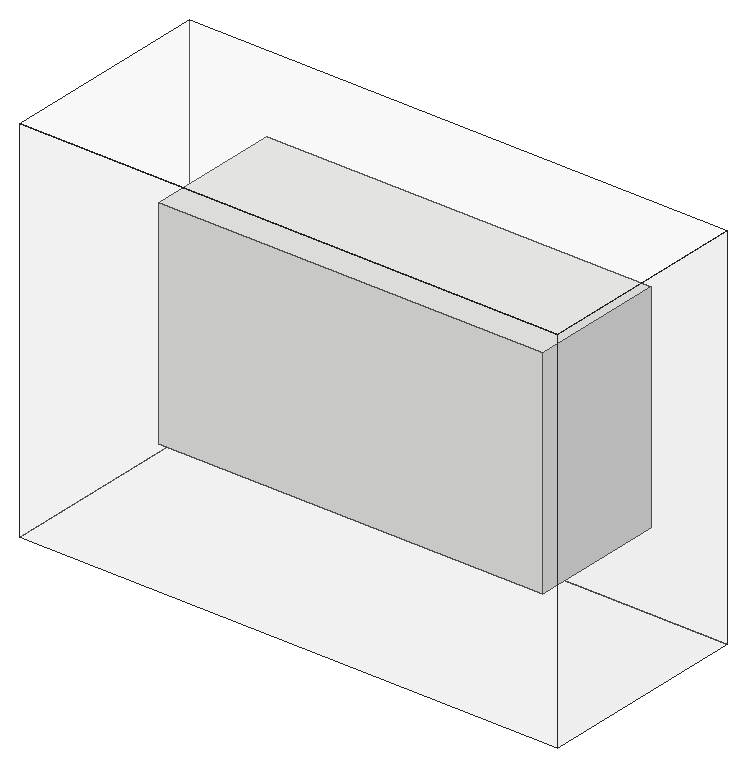
Revit family "wd-240bk2_50Hz", category 機械設備, Revit 2019
Family settings
  丸型コネクタ寸法 = 直径を使用
  パーツ タイプ = 標準
  OmniClass 番号 = 23.75.35.17.27
  OmniClass タイトル = Centrifugal Fans
  作業面ベース = いいえ
  常に垂直 = はい
  ロード時にボイドで切り取り = いいえ
  共有 = いいえ
  部屋計算ポイント = いいえ
Parameters (values of type "WD-240BK2")
  騒音レベル(dB(A)) [instance] = 48
  風量 [instance] = 200.0 m³/h
  電源種別 [instance] = ""
  電圧 = 200 V
  電動機出力 = 0 W
  電動機_種別 [instance] = ""
  運転質量 = 0.00 kg
  連動 [instance] = ""
  質量 = if(製品質量 > 運転質量, 製品質量, 運転質量) * 1.2  # 9.60 kg
  負荷分類 = 3_ファン類
  説明 = "バス乾燥・暖房・換気システム 浴室暖房機"
  設計風量 [instance] = 0.0 m³/h
  設置方法 = "壁付"
  記号 [instance] = ""
  製造元 = "三菱電機株式会社"
  製品質量 = 8.00 kg
  製品出荷対象 = "国内"
  製品リリース年月 = "2022年6月1日"
  製品グループ = ""
  系統 [instance] = ""
  符号 [instance] = if(☑給気／□排気, "FS", "FE")  # "FS"
  積算_科目 = "2 換気設備"
  積算_拾い区分 [instance] = ""
  相 = 1
  盤記号 [instance] = ""
  発停方法 [instance] = ""
  特殊仕様 [instance] = ""
  メンテナンススペース = yes
  火災停止 [instance] = ""
  消費電力 = 2310 W
  法定耐用年数 = "10"
  機外静圧 [instance] = 0.0 Pa
  極数 = 3
  材質 [instance] = ""
  操作・制御方式 = ""
  操作・制御スイッチ = ""
  排気量 [instance] = if(☑給気／□排気, 0.0 m³/h, 設計風量)  # 0.0 m³/h
  形式 = ""
  幹線記号 [instance] = ""
  対象室 [instance] = ""
  実風量 [instance] = 0.0 m³/h
  始動方式 [instance] = "直入"
  外気量 [instance] = if(☑給気／□排気, 設計風量, 0.0 m³/h)  # 0.0 m³/h
  呼称 = ""
  周波数 = 50 Hz
  参照している仕様書等のバージョン = ""
  分類コード = "50052503100080"
  分類グループ = ""
  価格 = 155200
  企業コード = "108420"
  付属品_防振装置 = ""
  付属品 [instance] = ""
  仕様書バージョン = "Version1.0"
  モデル = "WD-240BK2"
  マテリアル = 合成樹脂(白)
  ファンの種類 = ""
  コメント [instance] = ""
  Keynote = ""
  ☑給気／□排気 [instance] = yes
  Width = 498 mm
  W1 = 122 mm
  Version = ""
  Uniclass2015Version = "Systems v1.9"
  Uniclass2015Title = "Centrifugal fans"
  Uniclass2015Code = "Pr_65_67_29_12"
  URL = "https://www.mitsubishielectric.co.jp/ldg/wink/ssl/displayProduct.do?pid=320861"
  SpecificationReference = ""
  SpecificationDescription = ""
  Revision = ""
  ProductInformation = ""
  OmniClassCode = "23-33 31 19 11 15"
  MIN風量 = 105.0 m³/h
  MIN静圧 = 0.0 Pa
  MID風量 = 200.0 m³/h
  MID静圧 = 0.0 Pa
  MAX風量 = 200.0 m³/h
  MAX静圧 = 0.0 Pa
  IfcTypeProduct = ""
  IfcProduct = ""
  IfcExportType = "PROPELLORAXIAL"
  IfcExportAs = "IfcFanType"
  Height = 280 mm
  H1 = 106 mm
  Depth = 175 mm
  D1 = 135 mm
  Clearance Top = 100 mm
  Clearance Right = 100 mm
  Clearance Left = 100 mm
  Clearance Front = 100 mm
  Clearance Bottom = 100 mm
  Clearance Back = 0 mm
  Author = "三菱電機株式会社"
Reference planes
  plane 1 "中心(正面/背面)": y = 0
  plane 2: z = 0
  plane 3 "中心(左/右)": x = 0
  plane 4: x = 349
  plane 5: y = 0
  plane 6: y = -275
  plane 7: x = -249
  plane 8: x = 249
  plane 9: y = -175
  plane 10: z = 240
  plane 11: z = -140
  plane 12: x = -349
  plane 13: z = -240
  plane 14: y = -87.5
  plane 15: z = 140
Forms (mm)
  Extrusion 1, solid, material "合成樹脂(白)" <- "マテリアル", detail levels fine
    sketch origin (0, 0, 0) x (1, 0, 0) y (0, 1, 0)
      loop
        line (-249, 0) -> (-249, -175) -> (249, -175) -> (249, 0) -> (-249, 0)
    from -140 to 140
Dimensions and locks
  equal spacing: plane 7, plane 3 "中心(左/右)", plane 8
  "Width": plane 7 to plane 8
  "Clearance Left": plane 12 to plane 7
  "Depth": plane 1 "中心(正面/背面)" to plane 9
  "Clearance Front": plane 9 to plane 6
  "Clearance Back": plane 5 to plane 1 "中心(正面/背面)"
  "Clearance Right": plane 8 to plane 4
  "Clearance Bottom": plane 11 to plane 13
  equal spacing: plane 1 "中心(正面/背面)", plane 14, plane 9
  "Height": plane 15 to plane 11
  "Clearance Top": plane 10 to plane 15
  equal spacing: plane 15, level, plane 11
  aligned and locked: level to plane 2
  aligned and locked: plane 8 to Extrusion 1
  aligned and locked: Extrusion 1 to plane 9
  aligned and locked: Extrusion 1 to plane 7
  aligned and locked: Extrusion 1 to plane 11
  aligned and locked: Extrusion 1 to plane 1 "中心(正面/背面)"
  aligned and locked: plane 3 "中心(左/右)" to nested 1
  aligned and locked: nested 1 to plane 14
  aligned and locked: plane 15 to Extrusion 1
  aligned and locked: nested 2 to plane 6
  aligned and locked: nested 2 to plane 5
  aligned and locked: plane 12 to nested 2
  aligned and locked: plane 4 to nested 2
  aligned and locked: plane 13 to nested 2
  aligned and locked: plane 10 to nested 2
Automatic sketch dimensions
  Extrusion 1 sketch curve to plane 3 "中心(左/右)" = 249 mm
  plane 3 "中心(左/右)" to Extrusion 1 sketch curve = 249 mm
  plane 1 "中心(正面/背面)" to Extrusion 1 sketch curve = 175 mm
  Extrusion 1 sketch curve to plane 1 "中心(正面/背面)" = 0 mm
Nested families
  nested 1: "記号_天井換気扇_平面" at (0, -87.5, 0), type "記号_天井換気扇_平面", detail levels coarse+medium
  nested 2: "メンテナンススペース" at (0, -137.5, 0), visible <- "メンテナンススペース", type "メンテナンススペース"
    with Width 698 mm, Height 480 mm, Depth 275 mm
Connectors
  electrical at (0, 0, 0), driven by "極数", driven by "電圧", driven by "消費電力"
    settings: on Extrusion 1, index 1, voltage 200 V, apparent load 2310 VA, apparent load phase1 0 VA, apparent load phase2 0 VA, apparent load phase3 0 VA, power factor 1, load classification "その他", number of poles 3, system type 30, power factor state 1, is connector primary yes, connector utility no, sub classification motor no, connector description ""
Definition of nested family "メンテナンススペース"
  Parameters (values of type "メンテナンススペース")
    Width [instance] = 500 mm
    Height [instance] = 500 mm
    Depth [instance] = 500 mm
  Reference planes
    plane 1 "中心(正面/背面)": y = 0
    plane 2: z = 0
    plane 3 "中心(左/右)": x = 0
    plane 4: y = -250
    plane 5: x = 250
    plane 6: y = 250
    plane 7: x = -250
    plane 8: z = 250
    plane 9: z = -250
  Forms (mm)
    Extrusion 1, solid
      sketch origin (-638.939, 0, 72.39) x (1, 0, 0) y (0, 1, 0)
        loop
          line (388.939, 250) -> (388.939, -250) -> (888.939, -250) -> (888.939, 250) -> (388.939, 250)
      from -322.39 to 177.61
  Lines and regions (mm)
    symbolic lines
      curve 1: line (-250, 0, 250) -> (250, 0, 250)
      curve 2: line (-250, 0, -250) -> (-250, 0, 250)
      curve 3: line (250, 0, -250) -> (-250, 0, -250)
      curve 4: line (250, 0, 250) -> (250, 0, -250)
      curve 5: line (0, -250, 250) -> (0, 250, 250)
      curve 6: line (0, -250, -250) -> (0, -250, 250)
      curve 7: line (0, 250, -250) -> (0, -250, -250)
      curve 8: line (0, 250, 250) -> (0, 250, -250)
      curve 9: line (-250, 250, 0) -> (250, 250, 0)
      curve 10: line (-250, -250, 0) -> (-250, 250, 0)
      curve 11: line (250, -250, 0) -> (-250, -250, 0)
      curve 12: line (250, 250, 0) -> (250, -250, 0)
  Dimensions and locks
    equal spacing: plane 7, plane 3 "中心(左/右)", plane 5
    equal spacing: plane 4, plane 1 "中心(正面/背面)", plane 6
    "Depth": plane 4 to plane 6
    "Width": plane 7 to plane 5
    equal spacing: plane 8, plane 2, plane 9
    "Height": plane 8 to plane 9
    aligned and locked: plane 9 to curve 3
    aligned and locked: plane 7 to curve 2
    aligned and locked: curve 4 to plane 5
    aligned and locked: plane 5 to Extrusion 1
    aligned and locked: Extrusion 1 to plane 7
    aligned and locked: Extrusion 1 to plane 9
    aligned and locked: plane 8 to Extrusion 1
    aligned and locked: plane 9 to curve 7
  Automatic sketch dimensions
    plane 4 to Extrusion 1 sketch curve = 0 mm
    Extrusion 1 sketch curve to plane 7 = 0 mm
    Extrusion 1 sketch curve to plane 5 = 0 mm
    plane 6 to Extrusion 1 sketch curve = 0 mm
    curve 2 to plane 8 = 0 mm
    plane 4 to curve 11 = 0 mm
    curve 11 to plane 7 = 0 mm
    curve 11 to plane 5 = 0 mm
    plane 6 to curve 10 = 0 mm
    curve 7 to plane 4 = 0 mm
    curve 7 to plane 6 = 0 mm
    curve 6 to plane 8 = 0 mm
Definition of nested family "記号_天井換気扇_平面"
  Reference planes
    plane 1: y = 0
    plane 2: x = 0
  Lines and regions (mm)
    detail lines
      curve 1: line (-2.5, 2.5, 0) -> (2.5, 2.5, 0)
      curve 2: line (-2.5, -2.5, 0) -> (-2.5, 2.5, 0)
      curve 3: line (2.5, -2.5, 0) -> (-2.5, -2.5, 0)
      curve 4: line (2.5, 2.5, 0) -> (2.5, -2.5, 0)
      curve 5: circle (-1.04, -1.04, 0) r 1.46 normal (0, 0, 1)
      curve 6: circle (1.04, 1.04, 0) r 1.46 normal (0, 0, 1)
      curve 7: line (-3.125, 3.125, 0) -> (3.125, 3.125, 0)
      curve 8: line (-3.125, -3.125, 0) -> (-3.125, 3.125, 0)
      curve 9: line (3.125, -3.125, 0) -> (-3.125, -3.125, 0)
      curve 10: line (3.125, 3.125, 0) -> (3.125, -3.125, 0)
      curve 11: circle (1.295, 1.295, 0) r 1.83 normal (0, 0, 1)
      curve 12: circle (-1.295, -1.295, 0) r 1.83 normal (0, 0, 1)
      curve 13: line (-2, 2, 0) -> (2, 2, 0)
      curve 14: line (-2, -2, 0) -> (-2, 2, 0)
      curve 15: line (2, -2, 0) -> (-2, -2, 0)
      curve 16: line (2, 2, 0) -> (2, -2, 0)
      curve 17: circle (0.84, 0.84, 0) r 1.16 normal (0, 0, 1)
      curve 18: circle (-0.84, -0.84, 0) r 1.2 normal (0, 0, 1)
